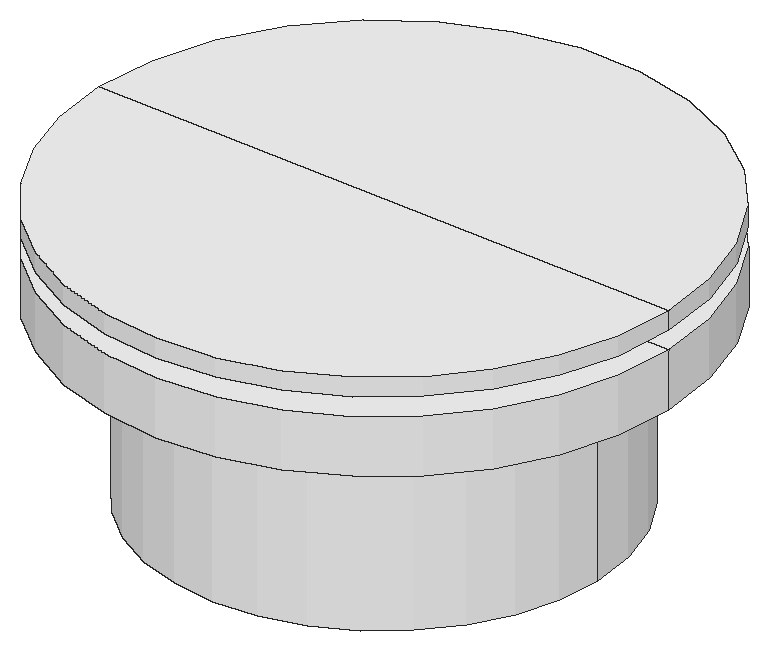
Revit family "CADS_AIRFLOWdev_Airvalve_MetalAdjustable125mm_Supply", category Air Terminals, host Face, Revit 2015
Parameters (values of type "CADS_AIRFLOWdev_Airvalve_MetalAdjustable125mm_Supply")
  WeeklyMaintenance = "N/A"
  WarrantyStartDate [instance] = "1900-12-31T23:59:192"
  WarrantyPeriod = "0"
  WarrantyIdentifier = "N/A"
  WarrantyGuarantorParts = "info@airflow.com"
  WarrantyGuarantorLabor = "info@airflow.com"
  WarrantyGuarantor = "Airflow Developments Ltd"
  WarrantyEndDate [instance] = "1900-12-31T23:59:192"
  WarrantyContent = "N/A"
  Uniclass2015 = "Pr_65_70_46_07"
  TemperatureRange = "up to 72°C"
  TagNumber [instance] = "N/A"
  SustainabilityPerformance = "N/A"
  Status = "New"
  Size = "75 x 160 x 160"
  ShippingWeight = 0.30 kg
  Shape = "Round"
  ServiceLifeType = "EXPECTEDSERVICELIFE"
  ServiceLifeDuration = "10"
  SerialNumber [instance] = "N/A"
  SAPApproval = yes
  RunID = "0"  # constant formula
  ReplacementCost = "29.448"
  RedDotDesignAward = no
  QuarterlyMaintenance = "N/A"
  Quantity = 1
  ProductionYear = "2017"
  ProductLiterature = "https://www.airflow.com/pdf/Accessories.pdf#page=13"
  PointOfContact = "Airflow Developments Ltd"
  PassiveHouseApproval = no
  NominalWidth = 160 mm
  NominalLength = 160 mm
  NominalHeight = 75 mm
  NBSCode = "90-75-50/370 Air terminals;"
  MonthlyMaintenance = "N/A"
  ModelReference [instance] = "9041168"
  ModelLabel [instance] = "Metal Adjustable Air Valve Supply"
  Material = "Steel"
  ManufacturerWebsite = "www.airflow.com"
  ManufacturerTelephone = "01494 525252"
  ManufacturerE-Mail = "info@airflow.com"
  ManufacturerAddress = "Aidelle House\nLancaster Road\nCressex Business Park\nHigh Wycombe\nBucks\nHP123QP"
  Manufacturer = "Airflow Developments Ltd"
  MaintenanceRequired8001to12000hrs = "N/A"
  MaintenanceRequired601to1000hrs = "N/A"
  MaintenanceRequired4001to8000hrs = "N/A"
  MaintenanceRequired301to600hrs = "N/A"
  MaintenanceRequired2001to4000hrs = "N/A"
  MaintenanceRequired1001to2000hrs = "N/A"
  MaintenanceRequired0to300hrs = "N/A"
  IsExtendedWarranty = no
  InstallationDate [instance] = "1900-12-31T23:59:192"
  ISO90001 = yes
  ISO140001 = yes
  GrossWeight = 0.25 kg
  Grade = "Virgin"
  GlobalTradeItemNumber [instance] = "5019009306025"
  Flow [instance] = 0.0 L/s
  Fitting Type = "Ignore"
  FireControlPanelLinks = no
  Finish = "Zinc powder coated"
  Features = "Metal Adjustable Air Valve Supply"
  ExpectedServiceLife = 10
  Exclusions = "N/A"
  DurationUnit = "Year"
  Default Elevation = 1219.2 mm
  DailyMaintenance = "N/A"
  Constituents = "Metal Adjustable Air Valve Supply"
  Color = "White"
  CodePerformance = "N/A"
  CEApproval = yes
  CADS_Index = 0
  BespokeTimeFrameMaintenance = "N/A"
  AssetType = "FIXED"
  AssetIdentifier [instance] = "N/A"
  AssemblyPlace = "UNKNOWN"
  ArticleNumber [instance] = "N/A"
  AnnualMaintenance = "N/A"
  AccessibilityPerformance = "N/A"
  6MonthlyMaintenance = "Visually inspect system, clean the fan and ducting if necessary"
Types (2, lengths in mm): name | RedDotDesignAward | PassiveHouseApproval | NominalWidth | NominalLength | NominalHeight | IsExtendedWarranty | FireControlPanelLinks
  (no name) | yes | yes | 0 | 0 | 0 | yes | yes
  CADS_AIRFLOWdev_Airvalve_MetalAdjustable125mm_Supply | no | no | 160 | 160 | 75 | no | no
Values of the unnamed type that differ from the named types
  WeeklyMaintenance = ""
  WarrantyStartDate = ""
  WarrantyPeriod = ""
  WarrantyIdentifier = ""
  WarrantyGuarantorParts = ""
  WarrantyGuarantorLabor = ""
  WarrantyGuarantor = ""
  WarrantyEndDate = ""
  WarrantyContent = ""
  Uniclass2015 = ""
  TemperatureRange = ""
  TagNumber = ""
  SustainabilityPerformance = ""
  Status = ""
  Size = ""
  ShippingWeight = 0.00 kg
  Shape = ""
  ServiceLifeType = ""
  ServiceLifeDuration = ""
  SerialNumber = ""
  ReplacementCost = ""
  QuarterlyMaintenance = ""
  Quantity = 0
  ProductionYear = ""
  ProductLiterature = ""
  PointOfContact = ""
  NBSCode = ""
  MonthlyMaintenance = ""
  ModelReference = ""
  ModelLabel = ""
  Material = ""
  ManufacturerWebsite = ""
  ManufacturerTelephone = ""
  ManufacturerE-Mail = ""
  ManufacturerAddress = ""
  MaintenanceRequired8001to12000hrs = ""
  MaintenanceRequired601to1000hrs = ""
  MaintenanceRequired4001to8000hrs = ""
  MaintenanceRequired301to600hrs = ""
  MaintenanceRequired2001to4000hrs = ""
  MaintenanceRequired1001to2000hrs = ""
  MaintenanceRequired0to300hrs = ""
  InstallationDate = ""
  GrossWeight = 0.00 kg
  Grade = ""
  GlobalTradeItemNumber = ""
  Fitting Type = ""
  Finish = ""
  Features = ""
  ExpectedServiceLife = 0
  Exclusions = ""
  DurationUnit = ""
  DailyMaintenance = ""
  Constituents = ""
  Color = ""
  CodePerformance = ""
  BespokeTimeFrameMaintenance = ""
  AssetType = ""
  AssetIdentifier = ""
  AssemblyPlace = ""
  ArticleNumber = ""
  AnnualMaintenance = ""
  AccessibilityPerformance = ""
  6MonthlyMaintenance = ""
Reference planes
  plane 1 "Center (Front/Back)": y = 0
  plane 2: z = 0
  plane 3 "Center (Left/Right)": x = 0
Forms (mm)
  Revolve 1, solid, material "CADS_AirFlow_White"
    sketch origin (0, 0, 0) x (1, 0, 0) y (0, 0, 1)
      loop
        line (0, 25) -> (-80, 25) -> (-80, 20) -> (-70, 20) -> (-70, 15) -> (-80, 15) -> (-80, 0) -> (-60, 0) -> (-60, -50) -> (0, -50) -> (0, 25)
      axis (0, 25) -> (0, -50)
    angle from 0 to 360
  Extrusion 2, void
    sketch origin (0, 0, 0) x (1, 0, 0) y (0, 1, 0)
      loop
        circle (0, 0) r 72.036
    from 0 to -100
Dimensions and locks
  aligned and locked: plane 2 to host face
  aligned and locked: level to host face
Connectors
  hvac at (0, 0, 0), driven by "Flow"
    settings: on Revolve 1, index 1, duct flow 0.0 L/s, flow factor 0, pres drop 0.0 Pa, loss coef 0, conn angle 0.00°, conn width 304.8 mm, conn height 304.8 mm, conn diameter 125 mm, duct sys type 1, conn prof type 0, flow config 1, flow direction 1, loss method 0, conn ref index -1, conn util no, is conn primary yes, conn desc ""
